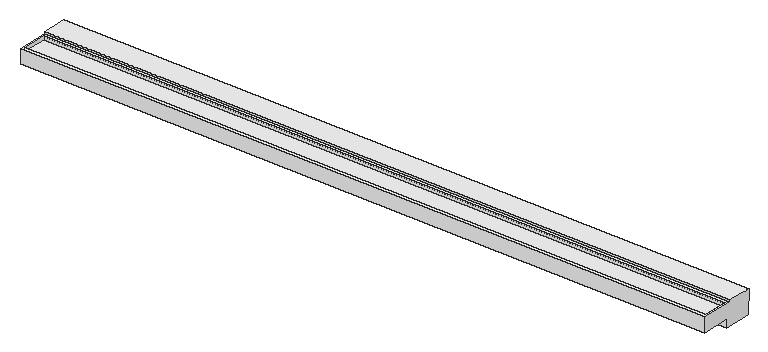
Revit family "17L-CW", category Lighting Fixtures, host Face, Revit 2014
Parameters (values of type "17L-CW-04")
  zz Length 1 = 48.000"
  Wattage = 3 W
  Warranty = "5 years warranty"  # constant formula
  built-in parameter 1150110 = 1 (stored number, unit not read)
  Type Comments = "Lighting Fixture"  # constant formula
  built-in parameter 1114217 = 1 (stored number, unit not read)
  Tilt Angle = 90.00°
  built-in parameter 1150109 = 1 (stored number, unit not read)
  built-in parameter 1150134 = (empty or 0)
  built-in parameter 1150113 = 1 (stored number, unit not read)
  Power Factor = 1
  Photometric Web File = "17L-CW-AI-02-C1-35K-I030.IES"
  Photometric Notes = "More IES files download on Photometric Link"  # constant formula
  Photometric Link = "https://www.hubbell.com/litecontrol/en/Products/Lighting-Controls/Commercial-Indoor-Lighting/Perimeter-Lighting/17L-CW/p/277619#prod-detail-section"
  Mounting = "Armstrong Axiom Cove Wall"  # constant formula
  Voltage = 120 V
  Wattage Comments = "133 Lumens/Watt"  # constant formula
  URL = "https://www.hubbell.com/litecontrol/en/"
  Product Page URL = "https://www.hubbell.com/litecontrol/en/Products/Lighting-Controls/Commercial-Indoor-Lighting/Perimeter-Lighting/17L-CW/p/277619#prod-detail-section"
  Product Documentation Link = "https://hubbellcdn.com/specsheet/17l_cw.pdf"
  Nominal Watts = 3 W
  Model = "17L-CW"  # constant formula
  Manufacturer = "Litecontrol Lighting"  # constant formula
  built-in parameter 1150105 = 5.276 (stored number, unit not read)
  Lumens = 66.3 lm
  built-in parameter 1150115 = 1 (stored number, unit not read)
  Load Classification = Lighting
  built-in parameter 1150137 = (empty or 0)
  built-in parameter 1150139 = (empty or 0)
  built-in parameter 1150112 = 1 (stored number, unit not read)
  built-in parameter 1150114 = 1 (stored number, unit not read)
  Lamp = "LED"  # constant formula
  built-in parameter 1150132 = (empty or 0)
  built-in parameter 1150102 = (empty or 0)
  built-in parameter 1150107 = 3500 (stored number, unit not read)
  built-in parameter 1150138 = (empty or 0)
  built-in parameter 1150106 = 0.05276 (stored number, unit not read)
  Glass = Hubbell - White Glass
  Emit from Rectangle Width = zz Length 1 - 0.250"  # 47.750"
  Emit from Rectangle Length = 1.500"  # constant formula
  Emit Shape Visible in Rendering = no
  built-in parameter 1150104 = 2.0532 (stored number, unit not read)
  Dimming Lamp Color Temperature Shift = <None>
  Description = "Indirect Light Coves by Armstrong"  # constant formula
  Default Elevation = 48.000"
  Create Date = "05/10/2018"  # constant formula
  Copyright = "Copyright © 2018 Litecontrol"  # constant formula
  Contact Us = "https://www.hubbell.com/litecontrol/en/contactUs?productId=2341562"
  Color Filter = 16777215
  Circuiting = "1 Circuit"  # constant formula
  built-in parameter 1114218 = 1 (stored number, unit not read)
  Backbox = Hubbell- Paint - Matte White
  built-in parameter 1150133 = 10 (stored number, unit not read)
  Assembly Code = "D5020200"
  Apparent Load = Nominal Watts / Power Factor  # 3 VA
Types (4): name | zz Length 1 | Emit from Rectangle Width
  (no name) | 48.000" | 47.750"
  17L-CW-04 | 48.000" | 47.750"
  17L-CW-02 | 24.000" | 23.750"
  17L-CW-03 | 36.000" | 35.750"
Reference planes (in)
  plane 1 "Center (Front/Back)": y = 0.03999
  plane 2: z = 0
  plane 3 "Center (Left/Right)": x = 1.66944
Dimensions and locks (in)
  aligned and locked: plane 2 to host face
  aligned and locked: level to host face
  aligned and locked: nested 1 to plane 3 "Center (Left/Right)"
  aligned and locked: nested 1 to plane 1 "Center (Front/Back)"
  aligned and locked: imposter light to nested 1
  aligned and locked: plane 3 "Center (Left/Right)" to imposter light
Nested families (in)
  nested 1: "17L-CW Housing" at (-0.37823, 0.07998, 0) x (-1, 0, 0) z (0, 0, 1), Glass <- "Glass", Backbox <- "Backbox", Row Length <- "zz Length 1", type "17L-CW Housing"
    with Row Length 48.000", Glass Hubbell - White Glass, Backbox Hubbell- Paint - Matte White
Connectors (in)
  electrical at (1.66944, 0.99249, 0), driven by "Load Classification", driven by "Voltage", driven by "Apparent Load", driven by "Power Factor"
    settings: on nested 1, index 1, voltage 120 V, apparent load 3 VA, apparent load phase1 0 VA, apparent load phase2 0 VA, apparent load phase3 0 VA, power factor 1, load classification "Lighting", number of poles 1, system type 30, power factor state 1, is connector primary yes, connector utility no, sub classification motor no, connector description "Electrical Connector"
Definition of nested family "17L-CW Housing"
  Parameters (values of type "SAE301 Housing")
    Wattage Comments = ""
    URL = ""
    Row Length [instance] = 48.000"
    Model = ""
    Manufacturer = ""
    Lamp = ""
    Glass [instance] = none
    Description = ""
    Default Elevation = 48.000"
    Backbox [instance] = none
  Reference planes (in)
    plane 1 "Center (Front/Back)": y = 0.03999
    plane 2: z = 0
    plane 3 "Center (Left/Right)": x = -2.04767
    plane 4: x = -26.04767
    plane 5: x = 21.95233
    plane 6: x = -25.92267
    plane 7: x = 21.82733
    plane 8: z = 1.64
    plane 9: z = 1.52
    plane 10: y = 1.94499
    plane 11: y = -1.86501
    plane 12: y = 1.69499
    plane 13: y = -0.21001
    plane 14: z = 1.28582
    plane 15: through (0, 1.69499, 1.40291) normal (0, 0.0349, 0.9994)
    plane 16: z = 0.095
  Forms (in)
    Extrusion 1, solid
      sketch origin (0, 0, 0.06357) x (1, 0, 0) y (0, 1, 0)
        loop
          line (-48, 48) -> (-48, -48) -> (48, -48) -> (48, 48) -> (-48, 48)
      from -0.06357 to -17.74365
    Extrusion 2, solid, material <- "Backbox"
      sketch origin (-2.04767, 0, 0) x (0, 1, 0) y (0, 0, 1)
        loop
          line (1.94499, 1.52) -> (-0.21001, 1.52) -> (-0.21001, 1.64) -> (-1.86501, 1.64) -> (-1.86501, 0) -> (0.03999, 0) -> (0.03999, 0.53549) -> (1.94499, 0.53549) -> (1.94499, 1.52)
      from -24 to 24
    Extrusion 3, void
      sketch origin (0, 0, 0) x (1, 0, 0) y (0, 1, 0)
        loop
          line (-25.92267, 1.69499) -> (-25.92267, 0.03999) -> (21.82733, 0.03999) -> (21.82733, 1.69499) -> (-25.92267, 1.69499)
      from 1.28582 to 1.64
    Extrusion 4, solid, material <- "Glass"
      sketch origin (-2.04767, 0, 0) x (0, 1, 0) y (0, 0, 1)
        loop
          line (1.69709, 1.40284) -> (1.69709, 1.46287) -> (0.03999, 1.52074) -> (0.03999, 1.4607) -> (1.69709, 1.40284)
      from -23.875 to 23.875
  Cuts and joins
    Extrusion 3 cuts Extrusion 2
  Dimensions and locks (in)
    equal spacing: plane 5, plane 3 "Center (Left/Right)", plane 4
    locked: plane 6 to plane 4 at 0.125
    "Row Length": plane 5 to plane 4
    equal spacing: plane 7, plane 3 "Center (Left/Right)", plane 6
    plane 8 to plane 2 = 1.640"
    plane 9 to plane 2 = 1.520"
    equal spacing: plane 10, plane 1 "Center (Front/Back)", plane 11, locked at 1.905 each
    locked: plane 10 to plane 11 at 3.81
    locked: plane 12 to plane 10 at 0.25
    locked: plane 1 "Center (Front/Back)" to plane 13 at 0.25
    aligned and locked: plane 2 to Extrusion 1
    aligned and locked: plane 10 to Extrusion 2 sketch curve
    aligned and locked: Extrusion 2 sketch curve to plane 11
    aligned and locked: Extrusion 2 sketch curve to plane 8
    aligned and locked: Extrusion 2 sketch curve to plane 9
    aligned and locked: plane 2 to Extrusion 2 sketch curve
    aligned and locked: plane 1 "Center (Front/Back)" to Extrusion 2 sketch curve
    aligned and locked: Extrusion 2 to plane 4
    aligned and locked: plane 5 to Extrusion 2
    aligned and locked: plane 13 to Extrusion 2 sketch curve
    aligned and locked: plane 12 to Extrusion 3 sketch curve
    aligned and locked: plane 6 to Extrusion 3 sketch curve
    aligned and locked: Extrusion 3 sketch curve to plane 1 "Center (Front/Back)"
    aligned and locked: Extrusion 3 sketch curve to plane 7
    aligned and locked: plane 8 to Extrusion 3
    aligned and locked: plane 14 to cut or joined group of Extrusion 2, Extrusion 3
    aligned and locked: plane 7 to Extrusion 4
    aligned and locked: Extrusion 4 to plane 6
  Automatic sketch dimensions
    Extrusion 1 sketch curve to Extrusion 1 sketch curve = 96.000"  (x2)
    Extrusion 4 sketch curve to plane 1 "Center (Front/Back)" = 0.000"
    Extrusion 4 sketch curve to plane 12 = 0.00209"
    Extrusion 4 sketch curve to plane 15 = 0.000"  (x2)
    plane 9 to Extrusion 4 sketch curve = 0.00074"
    Extrusion 4 sketch curve to plane 9 = 0.05713"
    plane 16 to Extrusion 2 sketch curve = 0.44049"
